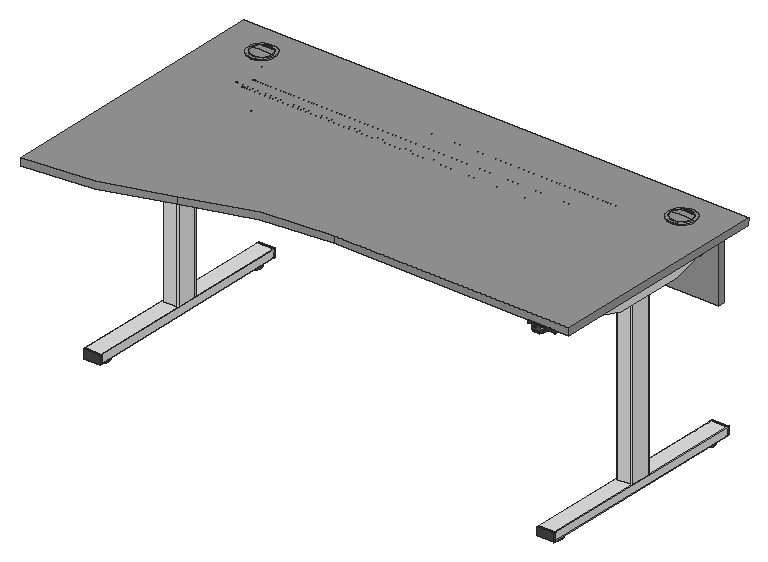
Revit family "Wave Desk with Cable Ports - LH", category Furniture, Revit 2016
Family settings
  OmniClass Number = 23.40.20.00
  OmniClass Title = General Furniture and Specialties
  Work Plane-Based = No
  Always vertical = Yes
  Cut with Voids When Loaded = No
  Shared = No
  Room Calculation Point = No
Parameters (values of type "1800 x 800 x 1000 with Modesty Panel & Cable Tray")
  Width = 1800 mm
  URL = "www.gof.co.uk"
  Type Comments = ""
  Range = "RISE LT"
  Product Code = "HDLWL18P"
  Modesty Panel Visible = yes
  Modesty Panel = "BTCPW18"
  HeightControl [instance] = if(Height < 720 mm, 720 mm, (if(Height > 1200 mm, 1200 mm, Height)))  # 727 mm
  Height [instance] = 727 mm
  Desktop = Gresham - Midnight Ash
  Model = ""
  Manufacturer = "Gresham Office Furniture"  # constant formula
  Frame = Gresham - Silver Metal
  Foot = Gresham - Black Plastic
  Cable Tray Visible = yes
  Cable Tray = "MECT18"
  Assembly Code = "E2020200"
Reference planes
  plane 1 "Center (Front/Back)": y = 0
  plane 2: z = 0
  plane 3 "Center (Left/Right)": x = 0
  plane 4: x = -900
  plane 5: x = 900
  plane 6 "Desktop Underside": z = 702
  plane 7: y = 400
  plane 8: y = -600
  plane 9 "Foot": z = 15
  plane 10: z = 727
  plane 11: x = 595.86
  plane 12: x = -595.86
  plane 13 "Control": x = 850
  plane 14: y = -400
  plane 15: x = -420
  plane 16: x = 60
Forms (mm)
  Extrusion 1, solid, material "Gresham - Midnight Ash" <- "Desktop"
    sketch origin (0, 0, 702) x (-1, 0, 0) y (0, -1, 0)
      loop
        line (-900, 400) -> (-900, -400) -> (900, -400) -> (900, 600)
        arc (900, 600) -> (654.838, 574.777) -> (420, 500) r 1200
        arc (420, 500) -> (185.162, 425.223) -> (-60, 400) r 1200
        line (-60, 400) -> (-900, 400)
    from 0 to 25
  Extrusion 2, solid
    sketch origin (4.14, -302, 0) x (0, 1, 0) y (0, 0, 1)
      loop
        arc (344.5, 657) -> (346.621, 657.879) -> (347.5, 660) r 3
        line (347.5, 660) -> (347.5, 699)
        arc (347.5, 699) -> (346.621, 701.121) -> (344.5, 702) r 3
        line (344.5, 702) -> (307, 702) -> (307, 700) -> (344.5, 700)
        arc (344.5, 700) -> (345.207, 699.707) -> (345.5, 699) r 1
        line (345.5, 699) -> (345.5, 660)
        arc (345.5, 660) -> (345.207, 659.293) -> (344.5, 659) r 1
        line (344.5, 659) -> (310, 659)
        arc (310, 659) -> (309.293, 659.293) -> (309, 660) r 1
        line (309, 660) -> (309, 667) -> (307, 667) -> (307, 660)
        arc (307, 660) -> (307.879, 657.879) -> (310, 657) r 3
        line (310, 657) -> (344.5, 657)
    from -600 to 591.72
Dimensions and locks
  equal spacing: plane 4, plane 3 "Center (Left/Right)", plane 5
  "Width": plane 4 to plane 5
  locked: plane 7 to plane 8 at 1000
  locked: plane 2 to plane 9 "Foot" at 15
  "HeightControl": plane 10 to level
  plane 10 to plane 6 "Desktop Underside" = 25 mm
  locked: nested 1 to plane 5 at 60
  locked: plane 7 to nested 1 at 12
  locked: nested 2 to plane 4 at 60
  locked: Extrusion 2 sketch curve to Extrusion 2 sketch curve at 41
  locked: plane 7 to nested 2 at 12
  locked: plane 11 to plane 5 at 304.14
  locked: plane 4 to plane 12 at 304.14
  locked: plane 13 "Control" to plane 5 at 50
  locked: plane 7 to plane 14 at 800
  equal spacing: plane 7, plane 1 "Center (Front/Back)", plane 14
  locked: plane 4 to plane 15 at 480
  locked: plane 15 to plane 16 at 480
  locked: nested 4 to plane 5 at 150
  locked: plane 7 to nested 4 at 110
  locked: plane 4 to nested 5 at 150
  locked: plane 7 to nested 5 at 110
  locked: plane 4 to nested 6 at 87
  locked: plane 4 to nested 7 at 100
  locked: nested 7 to nested 7 at 53.5
  locked: plane 6 "Desktop Underside" to nested 7 at 61.5
  radius of Extrusion 1 sketch curve = 1200 mm  (x2)
  aligned and locked: level to plane 2
  aligned and locked: plane 10 to Extrusion 1
  aligned and locked: plane 11 to Extrusion 2
  aligned and locked: plane 12 to Extrusion 2
  aligned and locked: nested 3 to plane 13 "Control"
  aligned and locked: plane 6 "Desktop Underside" to nested 3
  aligned and locked: nested 3 to plane 14
  aligned and locked: plane 8 to Extrusion 1 sketch curve
  aligned and locked: plane 15 to Extrusion 1 sketch curve  (x2)
  aligned and locked: plane 16 to Extrusion 1 sketch curve
  aligned and locked: plane 10 to nested 4
  aligned and locked: nested 5 to plane 10
  aligned and locked: plane 6 "Desktop Underside" to nested 6
Automatic sketch dimensions
  Extrusion 2 sketch curve to Extrusion 2 sketch curve = 0 mm  (x7)
  Extrusion 2 sketch curve to plane 6 "Desktop Underside" = 0 mm
  Extrusion 2 sketch curve to plane 1 "Center (Front/Back)" = 5 mm
  Extrusion 2 sketch curve to plane 6 "Desktop Underside" = 2 mm
  Extrusion 2 sketch curve to Extrusion 2 sketch curve = 1 mm  (x2)
  Extrusion 2 sketch curve to Extrusion 2 sketch curve = 37.5 mm
  Extrusion 2 sketch curve to Extrusion 2 sketch curve = 34.5 mm
  Extrusion 2 sketch curve to Extrusion 2 sketch curve = 7 mm
  Extrusion 1 sketch curve to plane 5 = 0 mm
  Extrusion 1 sketch curve to plane 14 = 0 mm
  Extrusion 1 sketch curve to plane 4 = 0 mm
  Extrusion 1 sketch curve to plane 7 = 0 mm
Nested families
  nested 1: "Rise LT Leg" at (5, -202, 0), Height <- "HeightControl", type "Rise LT Leg"
    with HeightControl 727 mm, Height 727 mm
  nested 2: "Rise LT Leg" at (-5, -202, 0) x (-1, 0, 0) z (0, 0, 1), Height <- "HeightControl", type "Rise LT Leg"
    with HeightControl 727 mm, Height 727 mm
  nested 3: "Controls" at (800, -367.5, 690), type "Controls"
  nested 4: "Cable Port" at (750, 290, 727), type "Round Port"
  nested 5: "Cable Port" at (-750, 290, 727) x (-1, 0, 0) z (0, 0, 1), type "Round Port"
  nested 6: "Modesty Panel" at (0, 0, 0), type "Modesty Panel"
    with HeightControl 727 mm, Height 727 mm
  nested 7: "Cable Tray" at (0, 0, 0), Height <- "Height", type "Cable Tray"
    with HeightControl 727 mm, Height 727 mm
Definition of nested family "Rise LT Leg"
  Parameters (values of type "Rise LT Leg")
    Width = 1800 mm
    URL = "www.gof.co.uk"
    Type Comments = ""
    Range = "RISE LT"
    Product Code = ""
    Model = ""
    Manufacturer = "Gresham Office Furniture"  # constant formula
    HeightControl [instance] = if(Height < 720 mm, 720 mm, (if(Height > 1200 mm, 1200 mm, Height)))  # 727 mm
    Height [instance] = 727 mm
    Frame = none
    Foot = none
    Bung = none
    Assembly Code = "E2020200"
  Reference planes
    plane 1 "Center (Front/Back)": y = 200
    plane 2: z = 0
    plane 3 "Center (Left/Right)": x = 0
    plane 4: x = -900
    plane 5: x = 900
    plane 6 "Desktop": z = 727
    plane 7: y = 600
    plane 8: y = -200
    plane 9 "Foot": z = 15
    plane 10 "Desktop Underside": z = 702
    plane 11 "Max Height": z = 1200
    plane 12 "Max Desktop Underside": z = 1175
  Forms (mm)
    Extrusion 1, solid, material <- "Frame"
      sketch origin (0, 0, 727) x (-1, 0, 0) y (0, -1, 0)
        loop
          line (-827.511, -240) -> (-782.511, -240)
          arc (-782.511, -240) -> (-778.976, -238.536) -> (-777.511, -235) r 5
          line (-777.511, -235) -> (-777.511, -165)
          arc (-777.511, -165) -> (-778.976, -161.464) -> (-782.511, -160) r 5
          line (-782.511, -160) -> (-827.511, -160)
          arc (-827.511, -160) -> (-831.047, -161.464) -> (-832.511, -165) r 5
          line (-832.511, -165) -> (-832.511, -235)
          arc (-832.511, -235) -> (-831.047, -238.536) -> (-827.511, -240) r 5
      from -682 to -82
    Extrusion 2, solid, material <- "Frame"
      sketch origin (0, 200, 0) x (1, 0, 0) y (0, 0, 1)
        loop
          line (833, 45) -> (777, 45)
          arc (777, 45) -> (775.586, 44.414) -> (775, 43) r 2
          line (775, 43) -> (775, 17)
          arc (775, 17) -> (775.586, 15.586) -> (777, 15) r 2
          line (777, 15) -> (833, 15)
          arc (833, 15) -> (834.414, 15.586) -> (835, 17) r 2
          line (835, 17) -> (835, 43)
          arc (835, 43) -> (834.414, 44.414) -> (833, 45) r 2
      from -385 to 385
    Extrusion 3, solid, material <- "Frame"
      sketch origin (0, 200, 70) x (1, 0, 0) y (0, 0, 1)
        loop
          line (842.511, 632) -> (590.86, 632) -> (590.86, 617)
          arc (590.86, 617) -> (599.647, 595.787) -> (620.86, 587) r 30
          line (620.86, 587) -> (842.511, 587) -> (842.511, 632)
      from -47.5 to 47.5
    Extrusion 4, solid, material <- "Frame"
      sketch origin (0, 200, 70) x (1, 0, 0) y (0, 0, 1)
        loop
          line (842.511, 632) -> (842.511, 622) -> (844.511, 622) -> (844.511, 630.159) -> (860.511, 630.159) -> (860.511, 579) -> (843.693, 579) -> (843.693, 582.43) -> (841.693, 582.43) -> (841.693, 577) -> (862.511, 577) -> (862.511, 632) -> (842.511, 632)
      from -275 to 275
    Extrusion 5, void
      sketch origin (870.011, 200, 1175) x (0, 0, 1) y (0, 1, 0)
        loop
          line (-528, 0) -> (-528, 125) -> (-483, 275) -> (-473, 275) -> (-473, 333.867) -> (-576.413, 333.867) -> (-576.413, 0) -> (-576.413, -333.867) -> (-473, -333.867) -> (-473, -275) -> (-483, -275) -> (-528, -125) -> (-528, 0)
      from -29.989 to 70.011
    Extrusion 6, solid, material <- "Frame"
      sketch origin (0, 0, 727) x (-1, 0, 0) y (0, -1, 0)
        loop
          line (-827.511, -238) -> (-782.511, -238)
          arc (-782.511, -238) -> (-780.39, -237.121) -> (-779.511, -235) r 3
          line (-779.511, -235) -> (-779.511, -165)
          arc (-779.511, -165) -> (-780.39, -162.879) -> (-782.511, -162) r 3
          line (-782.511, -162) -> (-827.511, -162)
          arc (-827.511, -162) -> (-829.633, -162.879) -> (-830.511, -165) r 3
          line (-830.511, -165) -> (-830.511, -235)
          arc (-830.511, -235) -> (-829.633, -237.121) -> (-827.511, -238) r 3
      from -82 to -70
    Revolve 7, solid, material <- "Foot"
      sketch origin (0, 540, 0) x (1, 0, 0) y (0, 0, 1)
        loop
          line (804.324, 0) -> (824.324, 0) -> (814.324, 15) -> (804.324, 15) -> (804.324, 0)
        axis (804.324, 15) -> (804.324, 0)
      angle from 0 to 360
    Revolve 8, solid, material <- "Foot"
      sketch origin (0, -140, 0) x (1, 0, 0) y (0, 0, -1)
        loop
          line (804.324, 0) -> (804.324, -15) -> (814.324, -15) -> (824.324, 0) -> (804.324, 0)
        axis (804.324, -15) -> (804.324, 0)
      angle from 0 to 360
    Extrusion 9, solid, material <- "Bung"
      sketch origin (0, 201.489, 0) x (1, 0, 0) y (0, 0, 1)
        loop
          line (833, 45) -> (777, 45)
          arc (777, 45) -> (775.586, 44.414) -> (775, 43) r 2
          line (775, 43) -> (775, 17)
          arc (775, 17) -> (775.586, 15.586) -> (777, 15) r 2
          line (777, 15) -> (833, 15)
          arc (833, 15) -> (834.414, 15.586) -> (835, 17) r 2
          line (835, 17) -> (835, 43)
          arc (835, 43) -> (834.414, 44.414) -> (833, 45) r 2
      from 386.489 to 391.489
    Extrusion 10, solid, material <- "Bung"
      sketch origin (0, 198.511, 0) x (1, 0, 0) y (0, 0, -1)
        loop
          arc (833, -45) -> (834.414, -44.414) -> (835, -43) r 2
          line (835, -43) -> (835, -17)
          arc (835, -17) -> (834.414, -15.586) -> (833, -15) r 2
          line (833, -15) -> (777, -15)
          arc (777, -15) -> (775.586, -15.586) -> (775, -17) r 2
          line (775, -17) -> (775, -43)
          arc (775, -43) -> (775.586, -44.414) -> (777, -45) r 2
          line (777, -45) -> (833, -45)
      from 386.489 to 391.489
  Cuts and joins
    Extrusion 5 cuts Extrusion 4
  Dimensions and locks
    equal spacing: plane 4, plane 3 "Center (Left/Right)", plane 5
    "Width": plane 4 to plane 5
    equal spacing: plane 7, plane 1 "Center (Front/Back)", plane 8
    locked: plane 7 to plane 8 at 800
    locked: plane 9 "Foot" to level at 15
    locked: plane 6 "Desktop" to plane 10 "Desktop Underside" at 25
    locked: plane 5 to Extrusion 2 at 65
    Extrusion 3 to Extrusion 3 = 95 mm
    plane 1 "Center (Front/Back)" to Extrusion 4 = 275 mm
    equal spacing: Extrusion 4, plane 1 "Center (Front/Back)", Extrusion 4
    plane 11 "Max Height" to level = 1200 mm
    locked: Extrusion 3 sketch curve to Extrusion 3 sketch curve at 45
    locked: Extrusion 5 sketch curve to Extrusion 5 sketch curve at 103.413
    "HeightControl": plane 6 "Desktop" to level
    locked: Extrusion 1 to level at 645
    locked: Extrusion 2 to Extrusion 2 at 30
    Extrusion 2 to Revolve 7 = 45 mm
    locked: Extrusion 9 to Extrusion 9 at 5
    locked: Extrusion 5 to plane 5 at 100
    locked: Extrusion 10 to Extrusion 10 at 5
    plane 9 "Foot" to level = 15 mm
    Revolve 8 to Extrusion 9 = 45 mm
    locked: Extrusion 3 to plane 5 at 309.14
    aligned and locked: level to plane 2
    aligned and locked: Extrusion 6 to Extrusion 3
    aligned and locked: Extrusion 6 to Extrusion 1
    aligned and locked: Extrusion 2 to plane 9 "Foot"
    aligned and locked: Extrusion 1 to Extrusion 2
    aligned and locked: Extrusion 2 to Extrusion 9
    aligned and locked: Extrusion 5 to plane 5
    aligned and locked: Extrusion 2 to Extrusion 10
  Automatic sketch dimensions
    plane 1 "Center (Front/Back)" to Extrusion 1 sketch curve = 35 mm
    plane 5 to Extrusion 1 sketch curve = 67.489 mm
    Extrusion 1 sketch curve to Extrusion 1 sketch curve = 5 mm  (x3)
    Extrusion 1 sketch curve to Extrusion 1 sketch curve = 45 mm  (x2)
    Extrusion 1 sketch curve to plane 1 "Center (Front/Back)" = 35 mm
    Extrusion 2 sketch curve to plane 9 "Foot" = 0 mm
    plane 9 "Foot" to Extrusion 2 sketch curve = 2 mm  (x2)
    plane 5 to Extrusion 2 sketch curve = 125 mm
    Extrusion 2 sketch curve to Extrusion 2 sketch curve = 2 mm
    Extrusion 2 sketch curve to Extrusion 2 sketch curve = 56 mm
    Extrusion 2 sketch curve to Extrusion 2 sketch curve = 0 mm
    Extrusion 2 sketch curve to Extrusion 2 sketch curve = 26 mm
    Extrusion 3 sketch curve to plane 10 "Desktop Underside" = 0 mm
    plane 3 "Center (Left/Right)" to Extrusion 3 sketch curve = 590.86 mm
    Extrusion 3 sketch curve to Extrusion 3 sketch curve = 30 mm
    plane 5 to Extrusion 3 sketch curve = 57.489 mm
    Extrusion 4 sketch curve to plane 10 "Desktop Underside" = 0 mm
    plane 5 to Extrusion 4 sketch curve = 58.307 mm
    Extrusion 4 sketch curve to plane 10 "Desktop Underside" = 10 mm
    Extrusion 4 sketch curve to Extrusion 4 sketch curve = 0.819 mm
    Extrusion 4 sketch curve to Extrusion 4 sketch curve = 2 mm  (x4)
    Extrusion 4 sketch curve to plane 10 "Desktop Underside" = 1.841 mm
    Extrusion 4 sketch curve to Extrusion 4 sketch curve = 16 mm
    Extrusion 4 sketch curve to Extrusion 4 sketch curve = 39.57 mm
    Extrusion 4 sketch curve to Extrusion 4 sketch curve = 3.43 mm
    Extrusion 5 sketch curve to plane 1 "Center (Front/Back)" = 0 mm  (x2)
    Extrusion 5 sketch curve to plane 10 "Desktop Underside" = 0 mm  (x2)
    Extrusion 5 sketch curve to plane 10 "Desktop Underside" = 55 mm
    Extrusion 5 sketch curve to plane 10 "Desktop Underside" = 10 mm  (x2)
    Extrusion 5 sketch curve to Extrusion 5 sketch curve = 125 mm
    plane 8 to Extrusion 5 sketch curve = 125 mm
    Extrusion 5 sketch curve to Extrusion 5 sketch curve = 58.867 mm
    Extrusion 5 sketch curve to plane 1 "Center (Front/Back)" = 125 mm
    Extrusion 5 sketch curve to plane 7 = 125 mm
    Extrusion 5 sketch curve to plane 7 = 66.133 mm
    plane 1 "Center (Front/Back)" to Extrusion 6 sketch curve = 35 mm
    plane 5 to Extrusion 6 sketch curve = 69.489 mm
    Extrusion 6 sketch curve to Extrusion 6 sketch curve = 3 mm  (x3)
    Extrusion 6 sketch curve to Extrusion 6 sketch curve = 45 mm  (x2)
    Extrusion 6 sketch curve to plane 1 "Center (Front/Back)" = 35 mm
    Revolve 7 sketch curve to level = 0 mm
    Revolve 7 sketch curve to plane 9 "Foot" = 0 mm  (x2)
    plane 5 to Revolve 7 sketch curve = 95.676 mm
    Revolve 7 sketch curve to Revolve 7 sketch curve = 10 mm  (x2)
    Revolve 7 sketch curve to Revolve 7 sketch curve = 0 mm
    Revolve 7 sketch curve to Revolve 7 sketch curve = 11.548 mm
    Revolve 8 sketch curve to level = 0 mm
    Revolve 8 sketch curve to plane 9 "Foot" = 0 mm  (x2)
    plane 5 to Revolve 8 sketch curve = 95.676 mm
    Revolve 8 sketch curve to Revolve 8 sketch curve = 10 mm  (x2)
    Revolve 8 sketch curve to Revolve 8 sketch curve = 0 mm
    Revolve 8 sketch curve to Revolve 8 sketch curve = 11.548 mm
    Extrusion 9 sketch curve to plane 9 "Foot" = 0 mm
    plane 9 "Foot" to Extrusion 9 sketch curve = 28 mm
    plane 5 to Extrusion 9 sketch curve = 125 mm
    Extrusion 9 sketch curve to Extrusion 9 sketch curve = 2 mm  (x3)
    Extrusion 9 sketch curve to Extrusion 9 sketch curve = 56 mm
    Extrusion 9 sketch curve to Extrusion 9 sketch curve = 0 mm
    Extrusion 10 sketch curve to plane 9 "Foot" = 0 mm
    plane 9 "Foot" to Extrusion 10 sketch curve = 28 mm
    plane 5 to Extrusion 10 sketch curve = 125 mm
    Extrusion 10 sketch curve to Extrusion 10 sketch curve = 2 mm  (x3)
    Extrusion 10 sketch curve to Extrusion 10 sketch curve = 56 mm
    Extrusion 10 sketch curve to Extrusion 10 sketch curve = 0 mm
Definition of nested family "Controls"
  Parameters (values of type "Controls")
    URL = "www.gof.co.uk"
    Rubber Keys = none
    Range = "RANGE LT"
    Product Code = "Controls"
    Plastic Case = none
    Manufacturer = "Gresham Office Furniture"  # constant formula
  Reference planes
    plane 1 "Center (Front/Back)": y = 0
    plane 2: z = 0
    plane 3 "Center (Left/Right)": x = 0
  Forms (mm)
    Extrusion 1, solid, material <- "Plastic Case"
      sketch origin (0, 0, 0) x (1, 0, 0) y (0, 1, 0)
        loop
          arc (-45, 32.5) -> (-48.536, 31.036) -> (-50, 27.5) r 5
          line (-50, 27.5) -> (-50, -27.5)
          arc (-50, -27.5) -> (-48.536, -31.036) -> (-45, -32.5) r 5
          line (-45, -32.5) -> (45, -32.5)
          arc (45, -32.5) -> (48.536, -31.036) -> (50, -27.5) r 5
          line (50, -27.5) -> (50, 27.5)
          arc (50, 27.5) -> (48.536, 31.036) -> (45, 32.5) r 5
          line (45, 32.5) -> (-45, 32.5)
      from 0 to 12
    Sweep 2, solid, material <- "Plastic Case"
      path origin (0, 0, 2) x (0, 1, 0) y (0, 0, 1)
        loop
          line (-32.5, 6) -> (-36.392, 6)
          arc (-36.392, 6) -> (-37.474, 5.881) -> (-38.505, 5.532) r 5
          line (-38.505, 5.532) -> (-55.626, -2.452)
      profile origin (0, -34.446, 8) x (0, 0, -1) y (1, 0, 0)
        loop
          line (-4, 30) -> (-4, -30) -> (4, -30) -> (4, 30) -> (-4, 30)
    Extrusion 3, void
      sketch origin (-30, -40.195, 11.157) x (0, -0.906308, -0.422618) y (1, 0, 0)
        loop
          line (18.892, 75) -> (-7.33, 75) -> (-7.33, 60) -> (10.178, 50.091)
          arc (10.178, 50.091) -> (14.833, 46.912) -> (18.892, 43) r 33.579
          line (18.892, 43) -> (18.892, 75)
      from -13.674 to 7.77
    Extrusion 4, void
      sketch origin (30, -40.195, 11.157) x (0, -0.906308, -0.422618) y (1, 0, 0)
        loop
          line (18.892, -75) -> (18.892, -43)
          arc (18.892, -43) -> (14.833, -46.912) -> (10.178, -50.091) r 33.579
          line (10.178, -50.091) -> (-7.33, -60) -> (-7.33, -75) -> (18.892, -75)
      from -13.674 to 7.77
    Extrusion 5, solid, material <- "Rubber Keys"
      sketch origin (-30, -40.195, 11.157) x (0, -0.906308, -0.422618) y (1, 0, 0)
        loop
          line (0.281, 19.363) -> (8.531, 14.6) -> (8.531, 24.126) -> (0.281, 19.363)
        loop
          line (0.656, 35.874) -> (8.906, 40.637) -> (0.656, 45.4) -> (0.656, 35.874)
      from 0 to 1.5
  Cuts and joins
    Extrusion 3, Extrusion 4 cuts Sweep 2
  Dimensions and locks
    aligned and locked: level to plane 2
Definition of nested family "Cable Port"
  Parameters (values of type "Round Port")
    URL = "www.gof.co.uk"
    Range = "Round Cable Port"
    Product Code = "80mm Round Port"
    Round Cable Port = none
    Manufacturer = "Gresham Office Furniture"  # constant formula
  Reference planes
    plane 1 "Center (Front/Back)": y = 0
    plane 2: z = 0
    plane 3 "Center (Left/Right)": x = 0
  Forms (mm)
    Revolve 1, solid, material <- "Round Cable Port"
      sketch origin (0, 0, 0) x (1, 0, 0) y (0, 0, 1)
        loop
          line (0, 0) -> (47.5, 0) -> (47.5, 1)
          arc (47.5, 1) -> (42.507, 1.801) -> (37.5, 2.514) r 284.031
          line (37.5, 2.514) -> (37.5, 1.257) -> (36.5, 1.257) -> (36.5, 2.645)
          arc (36.5, 2.645) -> (18.288, 4.411) -> (0, 5) r 284.031
          line (0, 5) -> (0, 0)
        axis (0, 5) -> (0, 0)
      angle from 0 to 360
    Extrusion 2, void
      sketch origin (0, 0, 0) x (1, 0, 0) y (0, 1, 0)
        loop
          arc (-27.582, 25.406) -> (0, 21.5) -> (27.582, 25.406) r 99.34
          arc (27.582, 25.406) -> (0, 37.5) -> (-27.582, 25.406) r 37.5
      from -2.617 to 7.057
    Extrusion 3, solid, material <- "Round Cable Port"
      sketch origin (0, 0, 0) x (1, 0, 0) y (0, 1, 0)
        loop
          arc (27.582, 25.406) -> (0, 37.5) -> (-27.582, 25.406) r 37.5
          arc (-27.582, 25.406) -> (0, 21.5) -> (27.582, 25.406) r 99.34
      from 0 to 1
  Cuts and joins
    Extrusion 2 cuts Revolve 1
  Dimensions and locks
    aligned and locked: level to plane 2
Definition of nested family "Modesty Panel"
  Parameters (values of type "Modesty Panel")
    Width = 1800 mm
    URL = "www.gof.co.uk"
    Type Comments = ""
    Range = "RISE LT"
    Product Code = ""
    Modesty Panel Visible = yes
    Modesty Panel = none
    HeightControl [instance] = if(Height < 720 mm, 720 mm, (if(Height > 1200 mm, 1200 mm, Height)))  # 727 mm
    Height [instance] = 727 mm
    Desktop = none
    Model = ""
    Manufacturer = "Gresham Office Furniture"  # constant formula
    Frame = none
    Foot = none
    Assembly Code = "E2020200"
  Reference planes
    plane 1 "Center (Front/Back)": y = 0
    plane 2: z = 0
    plane 3 "Center (Left/Right)": x = 0
    plane 4: x = -900
    plane 5: x = 900
    plane 6 "Desktop Underside": z = 702
    plane 7: y = 400
    plane 8: y = -400
    plane 9 "Foot": z = 15
    plane 10: z = 727
    plane 11 "Modesty Panel": x = -593
    plane 12: x = 593
    plane 13: z = 425
    plane 14: z = 677
    plane 15: y = 375
    plane 16: x = 568
    plane 17: x = -568
    plane 18: x = -813
    plane 19: x = 813
  Forms (mm)
    Extrusion 1, solid, material <- "Frame", visible <- "Modesty Panel Visible"
      sketch origin (-593, 43.228, 0) x (0, 1, 0) y (0, 0, 1)
        loop
          line (161.772, 702) -> (161.772, 677) -> (306.772, 677) -> (306.772, 432) -> (331.772, 432) -> (331.772, 702) -> (161.772, 702)
      from 0 to 25
    Extrusion 2, solid, material <- "Frame", visible <- "Modesty Panel Visible"
      sketch origin (593, 43.228, 0) x (0, 1, 0) y (0, 0, -1)
        loop
          line (161.772, -702) -> (331.772, -702) -> (331.772, -432) -> (306.772, -432) -> (306.772, -677) -> (161.772, -677) -> (161.772, -702)
      from 0 to 25
    Extrusion 3, solid, material <- "Modesty Panel", visible <- "Modesty Panel Visible"
      sketch origin (0, 0, 0) x (0, 1, 0) y (0, 0, 1)
        loop
          line (375, 677) -> (375, 425) -> (400, 425) -> (400, 677) -> (375, 677)
      from -813 to 813
  Dimensions and locks
    equal spacing: plane 4, plane 3 "Center (Left/Right)", plane 5
    "Width": plane 4 to plane 5
    equal spacing: plane 7, plane 1 "Center (Front/Back)", plane 8
    locked: plane 7 to plane 8 at 800
    locked: plane 2 to plane 9 "Foot" at 15
    "HeightControl": plane 10 to level
    locked: plane 10 to plane 6 "Desktop Underside" at 25
    locked: Extrusion 1 sketch curve to Extrusion 1 sketch curve at 170
    locked: Extrusion 1 sketch curve to Extrusion 1 sketch curve at 25  (x2)
    locked: Extrusion 1 sketch curve to Extrusion 1 sketch curve at 270
    locked: Extrusion 1 to Extrusion 1 at 25
    locked: plane 7 to Extrusion 1 at 25
    locked: plane 11 "Modesty Panel" to plane 4 at 307
    locked: plane 12 to plane 5 at 307
    locked: Extrusion 2 sketch curve to Extrusion 2 sketch curve at 170
    locked: Extrusion 2 sketch curve to Extrusion 2 sketch curve at 25  (x2)
    locked: Extrusion 2 sketch curve to Extrusion 2 sketch curve at 270
    locked: Extrusion 2 to Extrusion 2 at 25
    locked: Extrusion 1 to plane 13 at 7
    locked: plane 6 "Desktop Underside" to plane 14 at 25
    locked: plane 7 to plane 15 at 25
    locked: plane 16 to plane 12 at 25
    locked: plane 17 to plane 11 "Modesty Panel" at 25
    locked: plane 13 to plane 14 at 252
    locked: plane 4 to plane 18 at 87
    locked: plane 19 to plane 5 at 87
    aligned and locked: level to plane 2
    aligned and locked: plane 6 "Desktop Underside" to Extrusion 1
    aligned and locked: Extrusion 1 to plane 11 "Modesty Panel"
    aligned and locked: Extrusion 2 to plane 12
    aligned and locked: Extrusion 3 to plane 14
    aligned and locked: Extrusion 3 to plane 13
    aligned and locked: Extrusion 3 to plane 18
    aligned and locked: Extrusion 3 to plane 19
  Automatic sketch dimensions
    Extrusion 1 sketch curve to plane 6 "Desktop Underside" = 0 mm
    Extrusion 1 sketch curve to plane 7 = 195 mm
    Extrusion 2 sketch curve to plane 6 "Desktop Underside" = 0 mm
    Extrusion 2 sketch curve to plane 7 = 195 mm
    Extrusion 3 sketch curve to plane 13 = 0 mm
    Extrusion 3 sketch curve to plane 15 = 0 mm
    Extrusion 3 sketch curve to plane 7 = 0 mm
    plane 14 to Extrusion 3 sketch curve = 0 mm
Definition of nested family "Cable Tray"
  Parameters (values of type "Cable Tray")
    Width = 1800 mm
    URL = "www.gof.co.uk"
    Type Comments = ""
    Range = "RISE LT"
    Product Code = ""
    Modesty Panel = none
    HeightControl [instance] = if(Height < 720 mm, 720 mm, (if(Height > 1200 mm, 1200 mm, Height)))  # 727 mm
    Height [instance] = 727 mm
    Desktop = none
    Model = ""
    Manufacturer = "Gresham Office Furniture"  # constant formula
    Frame = none
    Foot = none
    Cable Tray Clips = none
    Cable Tray = yes
    Assembly Code = "E2020200"
  Reference planes
    plane 1 "Center (Front/Back)": y = 0
    plane 2: z = 0
    plane 3 "Center (Left/Right)": x = 0
    plane 4: x = -900
    plane 5: x = 900
    plane 6 "Desktop Underside": z = 702
    plane 7: y = 400
    plane 8: y = -400
    plane 9 "Foot": z = 15
    plane 10: z = 727
    plane 11 "Cable Tray Left": x = -800
    plane 12 "Cable Tray Right": x = 800
  Forms (mm)
    Extrusion 1, solid, material <- "Frame", visible <- "Cable Tray"
      sketch origin (0, 12.089, -4.885) x (0, 1, 0) y (0, 0, 1)
        loop
          circle (301.911, 615.385) r 1.5
        loop
          circle (251.911, 615.385) r 1.5
        loop
          circle (220.911, 645.385) r 1.5
        loop
          circle (332.911, 645.385) r 1.5
      from -800 to 800
    Sweep 2, solid, material <- "Frame", visible <- "Cable Tray"
      path in 3D
        loop
          line (0, 341.76, 640.5) -> (0, 333.661, 615.573)
          arc (0, 333.661, 615.573) -> (0, 332.571, 614.073) -> (0, 330.808, 613.5) r 3
          line (0, 330.808, 613.5) -> (0, 247.192, 613.5)
          arc (0, 247.192, 613.5) -> (0, 245.429, 614.073) -> (0, 244.339, 615.573) r 3
          line (0, 244.339, 615.573) -> (0, 236.24, 640.5)
      profile origin (0, 289, 613.5) x (0, 0, 1) y (-1, 0, 0)
        loop
          circle (0, 0) r 1.5
    Sweep 3, solid, material <- "Frame", visible <- "Cable Tray", not visible
      path in 3D
        loop
          line (0, 329.671, 645.385) -> (0, 321.572, 620.458)
          arc (0, 321.572, 620.458) -> (0, 320.482, 618.958) -> (0, 318.719, 618.385) r 3
          line (0, 318.719, 618.385) -> (0, 235.103, 618.385)
          arc (0, 235.103, 618.385) -> (0, 233.34, 618.958) -> (0, 232.25, 620.458) r 3
          line (0, 232.25, 620.458) -> (0, 224.151, 645.385)
      profile origin (0, 276.911, 618.385) x (0, 0, 1) y (-1, 0, 0)
        loop
          circle (0, 0) r 1.5
    Sweep 4, solid, material <- "Frame", visible <- "Cable Tray"
      path in 3D
        loop
          line (800, 342.073, 640.5) -> (800, 333.974, 615.573)
          arc (800, 333.974, 615.573) -> (800, 332.884, 614.073) -> (800, 331.121, 613.5) r 3
          line (800, 331.121, 613.5) -> (800, 247.505, 613.5)
          arc (800, 247.505, 613.5) -> (800, 245.742, 614.073) -> (800, 244.652, 615.573) r 3
          line (800, 244.652, 615.573) -> (800, 236.553, 640.5)
      profile origin (800, 289.313, 613.5) x (0, 0, 1) y (-1, 0, 0)
        loop
          circle (0, 0) r 1.5
    Sweep 5, solid, material <- "Frame", visible <- "Cable Tray"
      path in 3D
        loop
          line (-800, 342.073, 640.5) -> (-800, 333.974, 615.573)
          arc (-800, 333.974, 615.573) -> (-800, 332.884, 614.073) -> (-800, 331.121, 613.5) r 3
          line (-800, 331.121, 613.5) -> (-800, 247.505, 613.5)
          arc (-800, 247.505, 613.5) -> (-800, 245.742, 614.073) -> (-800, 244.652, 615.573) r 3
          line (-800, 244.652, 615.573) -> (-800, 236.553, 640.5)
      profile origin (-800, 289.313, 613.5) x (0, 0, 1) y (-1, 0, 0)
        loop
          circle (0, 0) r 1.5
    Sweep 6, solid, material <- "Frame", visible <- "Cable Tray"
      path in 3D
        loop
          line (100, 341.76, 640.5) -> (100, 333.661, 615.573)
          arc (100, 333.661, 615.573) -> (100, 332.571, 614.073) -> (100, 330.808, 613.5) r 3
          line (100, 330.808, 613.5) -> (100, 247.192, 613.5)
          arc (100, 247.192, 613.5) -> (100, 245.429, 614.073) -> (100, 244.339, 615.573) r 3
          line (100, 244.339, 615.573) -> (100, 236.24, 640.5)
      profile origin (100, 289, 613.5) x (0, 0, 1) y (-1, 0, 0)
        loop
          circle (0, 0) r 1.5
    Sweep 7, solid, material <- "Frame", visible <- "Cable Tray"
      path in 3D
        loop
          line (300, 341.76, 640.5) -> (300, 333.661, 615.573)
          arc (300, 333.661, 615.573) -> (300, 332.571, 614.073) -> (300, 330.808, 613.5) r 3
          line (300, 330.808, 613.5) -> (300, 247.192, 613.5)
          arc (300, 247.192, 613.5) -> (300, 245.429, 614.073) -> (300, 244.339, 615.573) r 3
          line (300, 244.339, 615.573) -> (300, 236.24, 640.5)
      profile origin (300, 289, 613.5) x (0, 0, 1) y (-1, 0, 0)
        loop
          circle (0, 0) r 1.5
    Sweep 8, solid, material <- "Frame", visible <- "Cable Tray"
      path in 3D
        loop
          line (400, 341.76, 640.5) -> (400, 333.661, 615.573)
          arc (400, 333.661, 615.573) -> (400, 332.571, 614.073) -> (400, 330.808, 613.5) r 3
          line (400, 330.808, 613.5) -> (400, 247.192, 613.5)
          arc (400, 247.192, 613.5) -> (400, 245.429, 614.073) -> (400, 244.339, 615.573) r 3
          line (400, 244.339, 615.573) -> (400, 236.24, 640.5)
      profile origin (400, 289, 613.5) x (0, 0, 1) y (-1, 0, 0)
        loop
          circle (0, 0) r 1.5
    Sweep 9, solid, material <- "Frame", visible <- "Cable Tray"
      path in 3D
        loop
          line (500, 341.76, 640.5) -> (500, 333.661, 615.573)
          arc (500, 333.661, 615.573) -> (500, 332.571, 614.073) -> (500, 330.808, 613.5) r 3
          line (500, 330.808, 613.5) -> (500, 247.192, 613.5)
          arc (500, 247.192, 613.5) -> (500, 245.429, 614.073) -> (500, 244.339, 615.573) r 3
          line (500, 244.339, 615.573) -> (500, 236.24, 640.5)
      profile origin (500, 289, 613.5) x (0, 0, 1) y (-1, 0, 0)
        loop
          circle (0, 0) r 1.5
    Sweep 10, solid, material <- "Frame", visible <- "Cable Tray"
      path in 3D
        loop
          line (600, 341.76, 640.5) -> (600, 333.661, 615.573)
          arc (600, 333.661, 615.573) -> (600, 332.571, 614.073) -> (600, 330.808, 613.5) r 3
          line (600, 330.808, 613.5) -> (600, 247.192, 613.5)
          arc (600, 247.192, 613.5) -> (600, 245.429, 614.073) -> (600, 244.339, 615.573) r 3
          line (600, 244.339, 615.573) -> (600, 236.24, 640.5)
      profile origin (600, 289, 613.5) x (0, 0, 1) y (-1, 0, 0)
        loop
          circle (0, 0) r 1.5
    Sweep 11, solid, material <- "Frame", visible <- "Cable Tray"
      path in 3D
        loop
          line (700, 341.76, 640.5) -> (700, 333.661, 615.573)
          arc (700, 333.661, 615.573) -> (700, 332.571, 614.073) -> (700, 330.808, 613.5) r 3
          line (700, 330.808, 613.5) -> (700, 247.192, 613.5)
          arc (700, 247.192, 613.5) -> (700, 245.429, 614.073) -> (700, 244.339, 615.573) r 3
          line (700, 244.339, 615.573) -> (700, 236.24, 640.5)
      profile origin (700, 289, 613.5) x (0, 0, 1) y (-1, 0, 0)
        loop
          circle (0, 0) r 1.5
    Sweep 12, solid, material <- "Frame", visible <- "Cable Tray"
      path in 3D
        loop
          line (200, 341.76, 640.5) -> (200, 333.661, 615.573)
          arc (200, 333.661, 615.573) -> (200, 332.571, 614.073) -> (200, 330.808, 613.5) r 3
          line (200, 330.808, 613.5) -> (200, 247.192, 613.5)
          arc (200, 247.192, 613.5) -> (200, 245.429, 614.073) -> (200, 244.339, 615.573) r 3
          line (200, 244.339, 615.573) -> (200, 236.24, 640.5)
      profile origin (200, 289, 613.5) x (0, 0, 1) y (-1, 0, 0)
        loop
          circle (0, 0) r 1.5
    Sweep 13, solid, material <- "Frame", visible <- "Cable Tray"
      path in 3D
        loop
          line (-100, 341.76, 640.5) -> (-100, 333.661, 615.573)
          arc (-100, 333.661, 615.573) -> (-100, 332.571, 614.073) -> (-100, 330.808, 613.5) r 3
          line (-100, 330.808, 613.5) -> (-100, 247.192, 613.5)
          arc (-100, 247.192, 613.5) -> (-100, 245.429, 614.073) -> (-100, 244.339, 615.573) r 3
          line (-100, 244.339, 615.573) -> (-100, 236.24, 640.5)
      profile origin (-100, 289, 613.5) x (0, 0, 1) y (-1, 0, 0)
        loop
          circle (0, 0) r 1.5
    Sweep 14, solid, material <- "Frame", visible <- "Cable Tray"
      path in 3D
        loop
          line (-300, 341.76, 640.5) -> (-300, 333.661, 615.573)
          arc (-300, 333.661, 615.573) -> (-300, 332.571, 614.073) -> (-300, 330.808, 613.5) r 3
          line (-300, 330.808, 613.5) -> (-300, 247.192, 613.5)
          arc (-300, 247.192, 613.5) -> (-300, 245.429, 614.073) -> (-300, 244.339, 615.573) r 3
          line (-300, 244.339, 615.573) -> (-300, 236.24, 640.5)
      profile origin (-300, 289, 613.5) x (0, 0, 1) y (-1, 0, 0)
        loop
          circle (0, 0) r 1.5
    Sweep 15, solid, material <- "Frame", visible <- "Cable Tray"
      path in 3D
        loop
          line (-400, 341.76, 640.5) -> (-400, 333.661, 615.573)
          arc (-400, 333.661, 615.573) -> (-400, 332.571, 614.073) -> (-400, 330.808, 613.5) r 3
          line (-400, 330.808, 613.5) -> (-400, 247.192, 613.5)
          arc (-400, 247.192, 613.5) -> (-400, 245.429, 614.073) -> (-400, 244.339, 615.573) r 3
          line (-400, 244.339, 615.573) -> (-400, 236.24, 640.5)
      profile origin (-400, 289, 613.5) x (0, 0, 1) y (-1, 0, 0)
        loop
          circle (0, 0) r 1.5
    Sweep 16, solid, material <- "Frame", visible <- "Cable Tray"
      path in 3D
        loop
          line (-500, 341.76, 640.5) -> (-500, 333.661, 615.573)
          arc (-500, 333.661, 615.573) -> (-500, 332.571, 614.073) -> (-500, 330.808, 613.5) r 3
          line (-500, 330.808, 613.5) -> (-500, 247.192, 613.5)
          arc (-500, 247.192, 613.5) -> (-500, 245.429, 614.073) -> (-500, 244.339, 615.573) r 3
          line (-500, 244.339, 615.573) -> (-500, 236.24, 640.5)
      profile origin (-500, 289, 613.5) x (0, 0, 1) y (-1, 0, 0)
        loop
          circle (0, 0) r 1.5
    Sweep 17, solid, material <- "Frame", visible <- "Cable Tray"
      path in 3D
        loop
          line (-600, 341.76, 640.5) -> (-600, 333.661, 615.573)
          arc (-600, 333.661, 615.573) -> (-600, 332.571, 614.073) -> (-600, 330.808, 613.5) r 3
          line (-600, 330.808, 613.5) -> (-600, 247.192, 613.5)
          arc (-600, 247.192, 613.5) -> (-600, 245.429, 614.073) -> (-600, 244.339, 615.573) r 3
          line (-600, 244.339, 615.573) -> (-600, 236.24, 640.5)
      profile origin (-600, 289, 613.5) x (0, 0, 1) y (-1, 0, 0)
        loop
          circle (0, 0) r 1.5
    Sweep 18, solid, material <- "Frame", visible <- "Cable Tray"
      path in 3D
        loop
          line (-700, 341.76, 640.5) -> (-700, 333.661, 615.573)
          arc (-700, 333.661, 615.573) -> (-700, 332.571, 614.073) -> (-700, 330.808, 613.5) r 3
          line (-700, 330.808, 613.5) -> (-700, 247.192, 613.5)
          arc (-700, 247.192, 613.5) -> (-700, 245.429, 614.073) -> (-700, 244.339, 615.573) r 3
          line (-700, 244.339, 615.573) -> (-700, 236.24, 640.5)
      profile origin (-700, 289, 613.5) x (0, 0, 1) y (-1, 0, 0)
        loop
          circle (0, 0) r 1.5
    Sweep 19, solid, material <- "Frame", visible <- "Cable Tray"
      path in 3D
        loop
          line (-200, 341.76, 640.5) -> (-200, 333.661, 615.573)
          arc (-200, 333.661, 615.573) -> (-200, 332.571, 614.073) -> (-200, 330.808, 613.5) r 3
          line (-200, 330.808, 613.5) -> (-200, 247.192, 613.5)
          arc (-200, 247.192, 613.5) -> (-200, 245.429, 614.073) -> (-200, 244.339, 615.573) r 3
          line (-200, 244.339, 615.573) -> (-200, 236.24, 640.5)
      profile origin (-200, 289, 613.5) x (0, 0, 1) y (-1, 0, 0)
        loop
          circle (0, 0) r 1.5
    Extrusion 20, solid, material <- "Cable Tray Clips", visible <- "Cable Tray"
      sketch origin (615, 0, 0) x (0, 1, 0) y (0, 0, 1)
        loop
          arc (346.5, 640.5) -> (345, 639) -> (343.5, 640.5) r 1.5
          line (343.5, 640.5) -> (343.5, 645.926) -> (340.5, 645.926) -> (340.5, 640.5)
          arc (340.5, 640.5) -> (345, 636) -> (349.5, 640.5) r 4.5
          line (349.5, 640.5) -> (349.5, 677.5)
          arc (349.5, 677.5) -> (348.692, 680.415) -> (346.5, 682.5) r 5.667
          arc (346.5, 682.5) -> (322.774, 690.464) -> (297.984, 693.899) r 134.615
          line (297.984, 693.899) -> (297.984, 697) -> (303.984, 697) -> (303.984, 702) -> (279.984, 702) -> (279.984, 697) -> (285.984, 697) -> (285.984, 693.899)
          arc (285.984, 693.899) -> (261.193, 690.464) -> (237.467, 682.5) r 134.615
          arc (237.467, 682.5) -> (235.275, 680.415) -> (234.435, 677.5) r 5.667
          line (234.435, 677.5) -> (234.435, 670.5)
          arc (234.435, 670.5) -> (232.935, 669) -> (231.435, 670.5) r 1.5
          line (231.435, 670.5) -> (231.435, 675.5) -> (228.435, 675.5) -> (228.435, 670.5)
          arc (228.435, 670.5) -> (230.365, 666.806) -> (234.5, 666.281) r 4.5
          line (234.5, 666.281) -> (234.5, 640.5)
          arc (234.5, 640.5) -> (233, 639) -> (231.5, 640.5) r 1.5
          line (231.5, 640.5) -> (231.5, 645.5) -> (228.5, 645.5) -> (228.5, 640.5)
          arc (228.5, 640.5) -> (233, 636) -> (237.5, 640.5) r 4.5
          line (237.5, 640.5) -> (237.5, 677.793)
          arc (237.5, 677.793) -> (237.882, 679.174) -> (238.92, 680.161) r 2.683
          arc (238.92, 680.161) -> (291.984, 691.033) -> (345.047, 680.161) r 134.926
          arc (345.047, 680.161) -> (346.085, 679.174) -> (346.467, 677.793) r 2.683
          line (346.467, 677.793) -> (346.467, 670.5)
          arc (346.467, 670.5) -> (344.951, 668.984) -> (343.435, 670.5) r 1.516
          line (343.435, 670.5) -> (343.435, 675.5) -> (340.435, 675.5) -> (340.435, 670.5)
          arc (340.435, 670.5) -> (342.365, 666.806) -> (346.5, 666.281) r 4.5
          line (346.5, 666.281) -> (346.5, 640.5)
      from 0 to 25
    Extrusion 21, solid, material <- "Cable Tray Clips", visible <- "Cable Tray"
      sketch origin (-615, 0, 0) x (0, 1, 0) y (0, 0, -1)
        loop
          line (346.5, -640.5) -> (346.5, -666.281)
          arc (346.5, -666.281) -> (342.365, -666.806) -> (340.435, -670.5) r 4.5
          line (340.435, -670.5) -> (340.435, -675.5) -> (343.435, -675.5) -> (343.435, -670.5)
          arc (343.435, -670.5) -> (344.951, -668.984) -> (346.467, -670.5) r 1.516
          line (346.467, -670.5) -> (346.467, -677.793)
          arc (346.467, -677.793) -> (346.085, -679.174) -> (345.047, -680.161) r 2.683
          arc (345.047, -680.161) -> (291.984, -691.033) -> (238.92, -680.161) r 134.926
          arc (238.92, -680.161) -> (237.882, -679.174) -> (237.5, -677.793) r 2.683
          line (237.5, -677.793) -> (237.5, -640.5)
          arc (237.5, -640.5) -> (233, -636) -> (228.5, -640.5) r 4.5
          line (228.5, -640.5) -> (228.5, -645.5) -> (231.5, -645.5) -> (231.5, -640.5)
          arc (231.5, -640.5) -> (233, -639) -> (234.5, -640.5) r 1.5
          line (234.5, -640.5) -> (234.5, -666.281)
          arc (234.5, -666.281) -> (230.365, -666.806) -> (228.435, -670.5) r 4.5
          line (228.435, -670.5) -> (228.435, -675.5) -> (231.435, -675.5) -> (231.435, -670.5)
          arc (231.435, -670.5) -> (232.935, -669) -> (234.435, -670.5) r 1.5
          line (234.435, -670.5) -> (234.435, -677.5)
          arc (234.435, -677.5) -> (235.275, -680.415) -> (237.467, -682.5) r 5.667
          arc (237.467, -682.5) -> (261.193, -690.464) -> (285.984, -693.899) r 134.615
          line (285.984, -693.899) -> (285.984, -697) -> (279.984, -697) -> (279.984, -702) -> (303.984, -702) -> (303.984, -697) -> (297.984, -697) -> (297.984, -693.899)
          arc (297.984, -693.899) -> (322.774, -690.464) -> (346.5, -682.5) r 134.615
          arc (346.5, -682.5) -> (348.692, -680.415) -> (349.5, -677.5) r 5.667
          line (349.5, -677.5) -> (349.5, -640.5)
          arc (349.5, -640.5) -> (345, -636) -> (340.5, -640.5) r 4.5
          line (340.5, -640.5) -> (340.5, -645.926) -> (343.5, -645.926) -> (343.5, -640.5)
          arc (343.5, -640.5) -> (345, -639) -> (346.5, -640.5) r 1.5
      from 0 to 25
  Lines and regions (mm)
    model lines, not visible
      curve 1: arc (0, 315.5, 610.5) -> (0, 314, 612) -> (0, 312.5, 610.5) r 1.5
      curve 2: arc (0, 265.5, 610.5) -> (0, 264, 612) -> (0, 262.5, 610.5) r 1.5
      curve 3: line (0, 330.808, 613.5) -> (0, 247.192, 613.5)
      curve 4: line (0, 244.339, 615.573) -> (0, 236.24, 640.5)
      curve 5: arc (0, 247.192, 613.5) -> (0, 245.429, 614.073) -> (0, 244.339, 615.573) r 3
      curve 6: line (0, 333.661, 615.573) -> (0, 341.76, 640.5)
      curve 7: arc (0, 330.808, 613.5) -> (0, 332.571, 614.073) -> (0, 333.661, 615.573) r 3
      curve 13: arc (0, 303.411, 615.385) -> (0, 301.911, 616.885) -> (0, 300.411, 615.385) r 1.5
      curve 14: arc (0, 253.411, 615.385) -> (0, 251.911, 616.885) -> (0, 250.411, 615.385) r 1.5
      curve 15: line (0, 318.719, 618.385) -> (0, 235.103, 618.385)
      curve 16: line (0, 232.25, 620.458) -> (0, 224.151, 645.385)
      curve 17: arc (0, 235.103, 618.385) -> (0, 233.34, 618.958) -> (0, 232.25, 620.458) r 3
      curve 18: line (0, 321.572, 620.458) -> (0, 329.671, 645.385)
      curve 19: arc (0, 318.719, 618.385) -> (0, 320.482, 618.958) -> (0, 321.572, 620.458) r 3
      curve 25: arc (800, 315.813, 610.5) -> (800, 314.313, 612) -> (800, 312.813, 610.5) r 1.5
      curve 26: arc (800, 265.813, 610.5) -> (800, 264.313, 612) -> (800, 262.813, 610.5) r 1.5
      curve 27: line (800, 331.121, 613.5) -> (800, 247.505, 613.5)
      curve 28: line (800, 244.652, 615.573) -> (800, 236.553, 640.5)
      curve 29: arc (800, 247.505, 613.5) -> (800, 245.742, 614.073) -> (800, 244.652, 615.573) r 3
      curve 30: line (800, 333.974, 615.573) -> (800, 342.073, 640.5)
      curve 31: arc (800, 331.121, 613.5) -> (800, 332.884, 614.073) -> (800, 333.974, 615.573) r 3
      curve 37: arc (-800, 315.813, 610.5) -> (-800, 314.313, 612) -> (-800, 312.813, 610.5) r 1.5
      curve 38: arc (-800, 265.813, 610.5) -> (-800, 264.313, 612) -> (-800, 262.813, 610.5) r 1.5
      curve 39: line (-800, 331.121, 613.5) -> (-800, 247.505, 613.5)
      curve 40: line (-800, 244.652, 615.573) -> (-800, 236.553, 640.5)
      curve 41: arc (-800, 247.505, 613.5) -> (-800, 245.742, 614.073) -> (-800, 244.652, 615.573) r 3
      curve 42: line (-800, 333.974, 615.573) -> (-800, 342.073, 640.5)
      curve 43: arc (-800, 331.121, 613.5) -> (-800, 332.884, 614.073) -> (-800, 333.974, 615.573) r 3
      curve 49: arc (100, 315.5, 610.5) -> (100, 314, 612) -> (100, 312.5, 610.5) r 1.5
      curve 50: arc (100, 265.5, 610.5) -> (100, 264, 612) -> (100, 262.5, 610.5) r 1.5
      curve 51: line (100, 330.808, 613.5) -> (100, 247.192, 613.5)
      curve 52: line (100, 244.339, 615.573) -> (100, 236.24, 640.5)
      curve 53: arc (100, 247.192, 613.5) -> (100, 245.429, 614.073) -> (100, 244.339, 615.573) r 3
      curve 54: line (100, 333.661, 615.573) -> (100, 341.76, 640.5)
      curve 55: arc (100, 330.808, 613.5) -> (100, 332.571, 614.073) -> (100, 333.661, 615.573) r 3
      curve 61: arc (300, 315.5, 610.5) -> (300, 314, 612) -> (300, 312.5, 610.5) r 1.5
      curve 62: arc (300, 265.5, 610.5) -> (300, 264, 612) -> (300, 262.5, 610.5) r 1.5
      curve 63: line (300, 330.808, 613.5) -> (300, 247.192, 613.5)
      curve 64: line (300, 244.339, 615.573) -> (300, 236.24, 640.5)
      curve 65: arc (300, 247.192, 613.5) -> (300, 245.429, 614.073) -> (300, 244.339, 615.573) r 3
      curve 66: line (300, 333.661, 615.573) -> (300, 341.76, 640.5)
      curve 67: arc (300, 330.808, 613.5) -> (300, 332.571, 614.073) -> (300, 333.661, 615.573) r 3
      curve 73: arc (400, 315.5, 610.5) -> (400, 314, 612) -> (400, 312.5, 610.5) r 1.5
      curve 74: arc (400, 265.5, 610.5) -> (400, 264, 612) -> (400, 262.5, 610.5) r 1.5
      curve 75: line (400, 330.808, 613.5) -> (400, 247.192, 613.5)
      curve 76: line (400, 244.339, 615.573) -> (400, 236.24, 640.5)
      curve 77: arc (400, 247.192, 613.5) -> (400, 245.429, 614.073) -> (400, 244.339, 615.573) r 3
      curve 78: line (400, 333.661, 615.573) -> (400, 341.76, 640.5)
      curve 79: arc (400, 330.808, 613.5) -> (400, 332.571, 614.073) -> (400, 333.661, 615.573) r 3
      curve 85: arc (500, 315.5, 610.5) -> (500, 314, 612) -> (500, 312.5, 610.5) r 1.5
      curve 86: arc (500, 265.5, 610.5) -> (500, 264, 612) -> (500, 262.5, 610.5) r 1.5
      curve 87: line (500, 330.808, 613.5) -> (500, 247.192, 613.5)
      curve 88: line (500, 244.339, 615.573) -> (500, 236.24, 640.5)
      curve 89: arc (500, 247.192, 613.5) -> (500, 245.429, 614.073) -> (500, 244.339, 615.573) r 3
      curve 90: line (500, 333.661, 615.573) -> (500, 341.76, 640.5)
      curve 91: arc (500, 330.808, 613.5) -> (500, 332.571, 614.073) -> (500, 333.661, 615.573) r 3
      curve 97: arc (600, 315.5, 610.5) -> (600, 314, 612) -> (600, 312.5, 610.5) r 1.5
      curve 98: arc (600, 265.5, 610.5) -> (600, 264, 612) -> (600, 262.5, 610.5) r 1.5
      curve 99: line (600, 330.808, 613.5) -> (600, 247.192, 613.5)
      curve 100: line (600, 244.339, 615.573) -> (600, 236.24, 640.5)
      curve 101: arc (600, 247.192, 613.5) -> (600, 245.429, 614.073) -> (600, 244.339, 615.573) r 3
      curve 102: line (600, 333.661, 615.573) -> (600, 341.76, 640.5)
      curve 103: arc (600, 330.808, 613.5) -> (600, 332.571, 614.073) -> (600, 333.661, 615.573) r 3
      curve 109: arc (700, 315.5, 610.5) -> (700, 314, 612) -> (700, 312.5, 610.5) r 1.5
      curve 110: arc (700, 265.5, 610.5) -> (700, 264, 612) -> (700, 262.5, 610.5) r 1.5
      curve 111: line (700, 330.808, 613.5) -> (700, 247.192, 613.5)
      curve 112: line (700, 244.339, 615.573) -> (700, 236.24, 640.5)
      curve 113: arc (700, 247.192, 613.5) -> (700, 245.429, 614.073) -> (700, 244.339, 615.573) r 3
      curve 114: line (700, 333.661, 615.573) -> (700, 341.76, 640.5)
      curve 115: arc (700, 330.808, 613.5) -> (700, 332.571, 614.073) -> (700, 333.661, 615.573) r 3
      curve 121: arc (200, 315.5, 610.5) -> (200, 314, 612) -> (200, 312.5, 610.5) r 1.5
      curve 122: arc (200, 265.5, 610.5) -> (200, 264, 612) -> (200, 262.5, 610.5) r 1.5
      curve 123: line (200, 330.808, 613.5) -> (200, 247.192, 613.5)
      curve 124: line (200, 244.339, 615.573) -> (200, 236.24, 640.5)
      curve 125: arc (200, 247.192, 613.5) -> (200, 245.429, 614.073) -> (200, 244.339, 615.573) r 3
      curve 126: line (200, 333.661, 615.573) -> (200, 341.76, 640.5)
      curve 127: arc (200, 330.808, 613.5) -> (200, 332.571, 614.073) -> (200, 333.661, 615.573) r 3
      curve 133: arc (-100, 315.5, 610.5) -> (-100, 314, 612) -> (-100, 312.5, 610.5) r 1.5
      curve 134: arc (-100, 265.5, 610.5) -> (-100, 264, 612) -> (-100, 262.5, 610.5) r 1.5
      curve 135: line (-100, 330.808, 613.5) -> (-100, 247.192, 613.5)
      curve 136: line (-100, 244.339, 615.573) -> (-100, 236.24, 640.5)
      curve 137: arc (-100, 247.192, 613.5) -> (-100, 245.429, 614.073) -> (-100, 244.339, 615.573) r 3
      curve 138: line (-100, 333.661, 615.573) -> (-100, 341.76, 640.5)
      curve 139: arc (-100, 330.808, 613.5) -> (-100, 332.571, 614.073) -> (-100, 333.661, 615.573) r 3
      curve 145: arc (-300, 315.5, 610.5) -> (-300, 314, 612) -> (-300, 312.5, 610.5) r 1.5
      curve 146: arc (-300, 265.5, 610.5) -> (-300, 264, 612) -> (-300, 262.5, 610.5) r 1.5
      curve 147: line (-300, 330.808, 613.5) -> (-300, 247.192, 613.5)
      curve 148: line (-300, 244.339, 615.573) -> (-300, 236.24, 640.5)
      curve 149: arc (-300, 247.192, 613.5) -> (-300, 245.429, 614.073) -> (-300, 244.339, 615.573) r 3
      curve 150: line (-300, 333.661, 615.573) -> (-300, 341.76, 640.5)
      curve 151: arc (-300, 330.808, 613.5) -> (-300, 332.571, 614.073) -> (-300, 333.661, 615.573) r 3
      curve 157: arc (-400, 315.5, 610.5) -> (-400, 314, 612) -> (-400, 312.5, 610.5) r 1.5
      curve 158: arc (-400, 265.5, 610.5) -> (-400, 264, 612) -> (-400, 262.5, 610.5) r 1.5
      curve 159: line (-400, 330.808, 613.5) -> (-400, 247.192, 613.5)
      curve 160: line (-400, 244.339, 615.573) -> (-400, 236.24, 640.5)
      curve 161: arc (-400, 247.192, 613.5) -> (-400, 245.429, 614.073) -> (-400, 244.339, 615.573) r 3
      curve 162: line (-400, 333.661, 615.573) -> (-400, 341.76, 640.5)
      curve 163: arc (-400, 330.808, 613.5) -> (-400, 332.571, 614.073) -> (-400, 333.661, 615.573) r 3
      curve 169: arc (-500, 315.5, 610.5) -> (-500, 314, 612) -> (-500, 312.5, 610.5) r 1.5
      curve 170: arc (-500, 265.5, 610.5) -> (-500, 264, 612) -> (-500, 262.5, 610.5) r 1.5
      curve 171: line (-500, 330.808, 613.5) -> (-500, 247.192, 613.5)
      curve 172: line (-500, 244.339, 615.573) -> (-500, 236.24, 640.5)
      curve 173: arc (-500, 247.192, 613.5) -> (-500, 245.429, 614.073) -> (-500, 244.339, 615.573) r 3
      curve 174: line (-500, 333.661, 615.573) -> (-500, 341.76, 640.5)
      curve 175: arc (-500, 330.808, 613.5) -> (-500, 332.571, 614.073) -> (-500, 333.661, 615.573) r 3
      curve 181: arc (-600, 315.5, 610.5) -> (-600, 314, 612) -> (-600, 312.5, 610.5) r 1.5
      curve 182: arc (-600, 265.5, 610.5) -> (-600, 264, 612) -> (-600, 262.5, 610.5) r 1.5
      curve 183: line (-600, 330.808, 613.5) -> (-600, 247.192, 613.5)
      curve 184: line (-600, 244.339, 615.573) -> (-600, 236.24, 640.5)
      curve 185: arc (-600, 247.192, 613.5) -> (-600, 245.429, 614.073) -> (-600, 244.339, 615.573) r 3
      curve 186: line (-600, 333.661, 615.573) -> (-600, 341.76, 640.5)
      curve 187: arc (-600, 330.808, 613.5) -> (-600, 332.571, 614.073) -> (-600, 333.661, 615.573) r 3
      curve 193: arc (-700, 315.5, 610.5) -> (-700, 314, 612) -> (-700, 312.5, 610.5) r 1.5
      curve 194: arc (-700, 265.5, 610.5) -> (-700, 264, 612) -> (-700, 262.5, 610.5) r 1.5
      curve 195: line (-700, 330.808, 613.5) -> (-700, 247.192, 613.5)
      curve 196: line (-700, 244.339, 615.573) -> (-700, 236.24, 640.5)
      curve 197: arc (-700, 247.192, 613.5) -> (-700, 245.429, 614.073) -> (-700, 244.339, 615.573) r 3
      curve 198: line (-700, 333.661, 615.573) -> (-700, 341.76, 640.5)
      curve 199: arc (-700, 330.808, 613.5) -> (-700, 332.571, 614.073) -> (-700, 333.661, 615.573) r 3
      curve 205: arc (-200, 315.5, 610.5) -> (-200, 314, 612) -> (-200, 312.5, 610.5) r 1.5
      curve 206: arc (-200, 265.5, 610.5) -> (-200, 264, 612) -> (-200, 262.5, 610.5) r 1.5
      curve 207: line (-200, 330.808, 613.5) -> (-200, 247.192, 613.5)
      curve 208: line (-200, 244.339, 615.573) -> (-200, 236.24, 640.5)
      curve 209: arc (-200, 247.192, 613.5) -> (-200, 245.429, 614.073) -> (-200, 244.339, 615.573) r 3
      curve 210: line (-200, 333.661, 615.573) -> (-200, 341.76, 640.5)
      curve 211: arc (-200, 330.808, 613.5) -> (-200, 332.571, 614.073) -> (-200, 333.661, 615.573) r 3
    sketch lines
      curve 8: line (0, 330.808, 613.5) -> (0, 247.192, 613.5)
      curve 9: arc (0, 247.192, 613.5) -> (0, 245.429, 614.073) -> (0, 244.339, 615.573) r 3
      curve 10: line (0, 244.339, 615.573) -> (0, 236.24, 640.5)
      curve 11: line (0, 333.661, 615.573) -> (0, 341.76, 640.5)
      curve 12: arc (0, 330.808, 613.5) -> (0, 332.571, 614.073) -> (0, 333.661, 615.573) r 3
      curve 32: line (800, 331.121, 613.5) -> (800, 247.505, 613.5)
      curve 33: arc (800, 247.505, 613.5) -> (800, 245.742, 614.073) -> (800, 244.652, 615.573) r 3
      curve 34: line (800, 244.652, 615.573) -> (800, 236.553, 640.5)
      curve 35: line (800, 333.974, 615.573) -> (800, 342.073, 640.5)
      curve 36: arc (800, 331.121, 613.5) -> (800, 332.884, 614.073) -> (800, 333.974, 615.573) r 3
      curve 44: line (-800, 331.121, 613.5) -> (-800, 247.505, 613.5)
      curve 45: arc (-800, 247.505, 613.5) -> (-800, 245.742, 614.073) -> (-800, 244.652, 615.573) r 3
      curve 46: line (-800, 244.652, 615.573) -> (-800, 236.553, 640.5)
      curve 47: line (-800, 333.974, 615.573) -> (-800, 342.073, 640.5)
      curve 48: arc (-800, 331.121, 613.5) -> (-800, 332.884, 614.073) -> (-800, 333.974, 615.573) r 3
      curve 56: line (100, 330.808, 613.5) -> (100, 247.192, 613.5)
      curve 57: arc (100, 247.192, 613.5) -> (100, 245.429, 614.073) -> (100, 244.339, 615.573) r 3
      curve 58: line (100, 244.339, 615.573) -> (100, 236.24, 640.5)
      curve 59: line (100, 333.661, 615.573) -> (100, 341.76, 640.5)
      curve 60: arc (100, 330.808, 613.5) -> (100, 332.571, 614.073) -> (100, 333.661, 615.573) r 3
      curve 68: line (300, 330.808, 613.5) -> (300, 247.192, 613.5)
      curve 69: arc (300, 247.192, 613.5) -> (300, 245.429, 614.073) -> (300, 244.339, 615.573) r 3
      curve 70: line (300, 244.339, 615.573) -> (300, 236.24, 640.5)
      curve 71: line (300, 333.661, 615.573) -> (300, 341.76, 640.5)
      curve 72: arc (300, 330.808, 613.5) -> (300, 332.571, 614.073) -> (300, 333.661, 615.573) r 3
      curve 80: line (400, 330.808, 613.5) -> (400, 247.192, 613.5)
      curve 81: arc (400, 247.192, 613.5) -> (400, 245.429, 614.073) -> (400, 244.339, 615.573) r 3
      curve 82: line (400, 244.339, 615.573) -> (400, 236.24, 640.5)
      curve 83: line (400, 333.661, 615.573) -> (400, 341.76, 640.5)
      curve 84: arc (400, 330.808, 613.5) -> (400, 332.571, 614.073) -> (400, 333.661, 615.573) r 3
      curve 92: line (500, 330.808, 613.5) -> (500, 247.192, 613.5)
      curve 93: arc (500, 247.192, 613.5) -> (500, 245.429, 614.073) -> (500, 244.339, 615.573) r 3
      curve 94: line (500, 244.339, 615.573) -> (500, 236.24, 640.5)
      curve 95: line (500, 333.661, 615.573) -> (500, 341.76, 640.5)
      curve 96: arc (500, 330.808, 613.5) -> (500, 332.571, 614.073) -> (500, 333.661, 615.573) r 3
      curve 104: line (600, 330.808, 613.5) -> (600, 247.192, 613.5)
      curve 105: arc (600, 247.192, 613.5) -> (600, 245.429, 614.073) -> (600, 244.339, 615.573) r 3
      curve 106: line (600, 244.339, 615.573) -> (600, 236.24, 640.5)
      curve 107: line (600, 333.661, 615.573) -> (600, 341.76, 640.5)
      curve 108: arc (600, 330.808, 613.5) -> (600, 332.571, 614.073) -> (600, 333.661, 615.573) r 3
      curve 116: line (700, 330.808, 613.5) -> (700, 247.192, 613.5)
      curve 117: arc (700, 247.192, 613.5) -> (700, 245.429, 614.073) -> (700, 244.339, 615.573) r 3
      curve 118: line (700, 244.339, 615.573) -> (700, 236.24, 640.5)
      curve 119: line (700, 333.661, 615.573) -> (700, 341.76, 640.5)
      curve 120: arc (700, 330.808, 613.5) -> (700, 332.571, 614.073) -> (700, 333.661, 615.573) r 3
      curve 128: line (200, 330.808, 613.5) -> (200, 247.192, 613.5)
      curve 129: arc (200, 247.192, 613.5) -> (200, 245.429, 614.073) -> (200, 244.339, 615.573) r 3
      curve 130: line (200, 244.339, 615.573) -> (200, 236.24, 640.5)
      curve 131: line (200, 333.661, 615.573) -> (200, 341.76, 640.5)
      curve 132: arc (200, 330.808, 613.5) -> (200, 332.571, 614.073) -> (200, 333.661, 615.573) r 3
      curve 140: line (-100, 330.808, 613.5) -> (-100, 247.192, 613.5)
      curve 141: arc (-100, 247.192, 613.5) -> (-100, 245.429, 614.073) -> (-100, 244.339, 615.573) r 3
      curve 142: line (-100, 244.339, 615.573) -> (-100, 236.24, 640.5)
      curve 143: line (-100, 333.661, 615.573) -> (-100, 341.76, 640.5)
      curve 144: arc (-100, 330.808, 613.5) -> (-100, 332.571, 614.073) -> (-100, 333.661, 615.573) r 3
      curve 152: line (-300, 330.808, 613.5) -> (-300, 247.192, 613.5)
      curve 153: arc (-300, 247.192, 613.5) -> (-300, 245.429, 614.073) -> (-300, 244.339, 615.573) r 3
      curve 154: line (-300, 244.339, 615.573) -> (-300, 236.24, 640.5)
      curve 155: line (-300, 333.661, 615.573) -> (-300, 341.76, 640.5)
